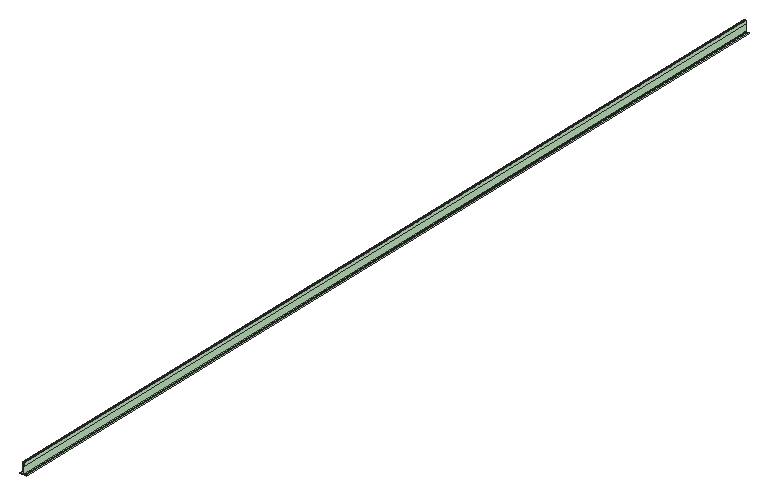
Revit family "eat4025", category 機械設備, Revit 2022
Family settings
  丸型コネクタ寸法 = 直径を使用
  種別 = なし
  パーツ タイプ = 標準
  作業面ベース = いいえ
  常に垂直 = はい
  ロード時にボイドで切り取り = いいえ
  注釈の向きを維持 = いいえ
  共有 = いいえ
  部屋計算ポイント = いいえ
Parameters
  製造元 = "株式会社桐井製作所"
  既定の高さ = 0 mm
  URL = "https://www.kirii.co.jp/"
  K_長さ(mm) [instance] = 3600 mm
  K_品名 = "アルミTバーeAT4025"
  K_名称 = "アルミTバー"
  K_入数 = "20"
  K_備考 = "定尺L=3200 、L=3600"
  K_バージョン情報 = "20220915"
Reference planes
  plane 1 "中心(正面/背面)": y = 0
  plane 2: z = 0
  plane 3 "中心(左/右)": x = 0
  plane 4: y = 3600
Forms (mm)
  Extrusion 1, solid
    sketch origin (0, 0, 7.1) x (-1, 0, 0) y (0, 0, 1)
      loop
        line (0.65, 26.1) -> (1.707, 26.1) -> (2.4, 25.7) -> (2.4, 24.9) -> (3.5, 24.9) -> (3.5, 34.9) -> (1.655, 34.9) -> (1.008, 34.43) -> (1.346, 33.705) -> (1.008, 32.98) -> (1.346, 32.255) -> (1.008, 31.53) -> (1.346, 30.805) -> (1.008, 30.08) -> (1.4, 29.4) -> (2.2, 29.4) -> (2.2, 28.6) -> (1, 27.4) -> (-1, 27.4) -> (-2.2, 28.6) -> (-2.2, 29.9) -> (-1.4, 29.9) -> (-0.834, 30.466) -> (-1.172, 31.191) -> (-0.834, 31.916) -> (-1.172, 32.641) -> (-0.834, 33.366) -> (-1.308, 34.017) -> (-0.839, 34.662) -> (-1.655, 34.9) -> (-3.5, 34.9) -> (-3.5, 24.9) -> (-2.4, 24.9) -> (-2.4, 25.7) -> (-1.707, 26.1) -> (-0.65, 26.1) -> (-0.65, -5.9) -> (-2.4, -5.9) -> (-2.4, -5.1) -> (-3.5, -5.1) -> (-3.5, -5.9) -> (-8.5, -5.9) -> (-8.5, -5.1) -> (-12.5, -5.1) -> (-12.5, -7.1) -> (12.5, -7.1) -> (12.5, -5.1) -> (8.5, -5.1) -> (8.5, -5.9) -> (3.5, -5.9) -> (3.5, -5.1) -> (2.4, -5.1) -> (2.4, -5.9) -> (0.65, -5.9) -> (0.65, 26.1)
    from 0 to 3600
Dimensions and locks
  plane 4 to plane 1 "中心(正面/背面)" = 3600 mm
  "K_長さ(mm)": plane 4 to plane 1 "中心(正面/背面)"
  aligned and locked: level to plane 2
  aligned and locked: plane 4 to Extrusion 1
  aligned and locked: Extrusion 1 to plane 4  (x2)
Automatic sketch dimensions
  Extrusion 1 sketch curve to level = 0 mm
  plane 3 "中心(左/右)" to Extrusion 1 sketch curve = 12.5 mm
  level to Extrusion 1 sketch curve = 1.2 mm  (x2)
  Extrusion 1 sketch curve to Extrusion 1 sketch curve = 4 mm  (x2)
  plane 3 "中心(左/右)" to Extrusion 1 sketch curve = 3.5 mm  (x2)
  Extrusion 1 sketch curve to Extrusion 1 sketch curve = 1.1 mm  (x3)
  plane 3 "中心(左/右)" to Extrusion 1 sketch curve = 2.2 mm
  Extrusion 1 sketch curve to Extrusion 1 sketch curve = 0.693 mm  (x2)
  plane 3 "中心(左/右)" to Extrusion 1 sketch curve = 1.655 mm
  Extrusion 1 sketch curve to Extrusion 1 sketch curve = 0.8 mm  (x7)
  Extrusion 1 sketch curve to Extrusion 1 sketch curve = 0.347 mm
  plane 3 "中心(左/右)" to Extrusion 1 sketch curve = 1.172 mm  (x2)
  plane 3 "中心(左/右)" to Extrusion 1 sketch curve = 1 mm
  Extrusion 1 sketch curve to Extrusion 1 sketch curve = 0.469 mm
  Extrusion 1 sketch curve to Extrusion 1 sketch curve = 0.338 mm  (x5)
  Extrusion 1 sketch curve to Extrusion 1 sketch curve = 0.566 mm  (x2)
  plane 3 "中心(左/右)" to Extrusion 1 sketch curve = 0.65 mm
  Extrusion 1 sketch curve to plane 3 "中心(左/右)" = 0.65 mm
  Extrusion 1 sketch curve to plane 3 "中心(左/右)" = 1 mm
  Extrusion 1 sketch curve to plane 3 "中心(左/右)" = 1.008 mm  (x4)
  Extrusion 1 sketch curve to Extrusion 1 sketch curve = 0.392 mm
  Extrusion 1 sketch curve to Extrusion 1 sketch curve = 0.647 mm
  Extrusion 1 sketch curve to Extrusion 1 sketch curve = 1.057 mm
  Extrusion 1 sketch curve to Extrusion 1 sketch curve = 1.75 mm
  Extrusion 1 sketch curve to Extrusion 1 sketch curve = 1.845 mm
  Extrusion 1 sketch curve to Extrusion 1 sketch curve = 5 mm
  Extrusion 1 sketch curve to Extrusion 1 sketch curve = 0 mm  (x4)
  level to Extrusion 1 sketch curve = 2 mm  (x2)
  Extrusion 1 sketch curve to Extrusion 1 sketch curve = 30 mm
  Extrusion 1 sketch curve to Extrusion 1 sketch curve = 0.4 mm
  Extrusion 1 sketch curve to Extrusion 1 sketch curve = 1.3 mm  (x2)
  Extrusion 1 sketch curve to Extrusion 1 sketch curve = 1.2 mm  (x2)
  Extrusion 1 sketch curve to Extrusion 1 sketch curve = 0.68 mm
  Extrusion 1 sketch curve to Extrusion 1 sketch curve = 0.725 mm  (x10)
  Extrusion 1 sketch curve to Extrusion 1 sketch curve = 0.651 mm
  Extrusion 1 sketch curve to Extrusion 1 sketch curve = 0.645 mm
  Extrusion 1 sketch curve to Extrusion 1 sketch curve = 0.238 mm
  Extrusion 1 sketch curve to Extrusion 1 sketch curve = 0.47 mm
